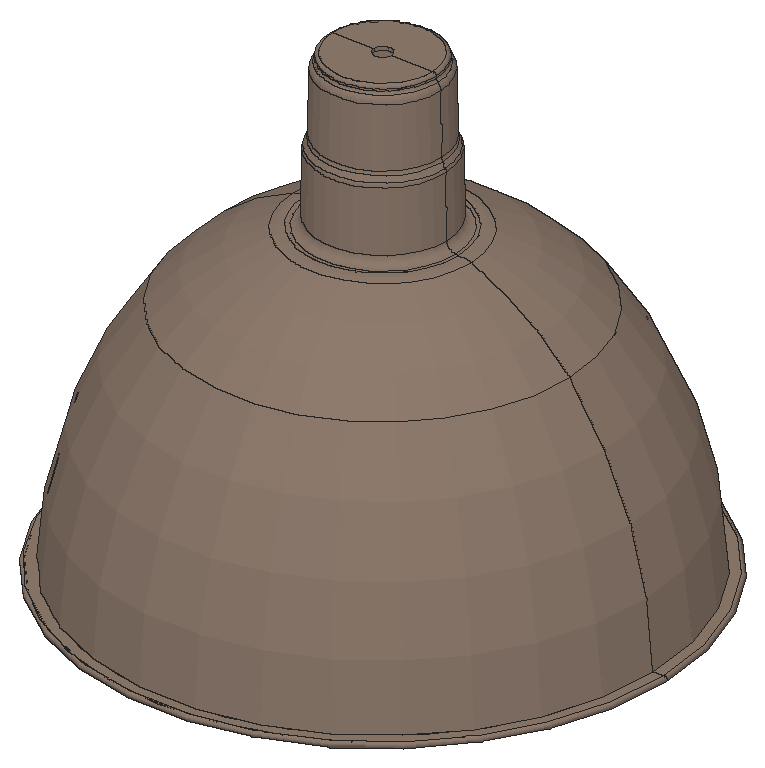
Revit family "D616", category Generic Models, Revit 2017
Family settings
  Can host rebar = No
  Round Connector Dimension = Use Diameter
  Part Type = Normal
  Work Plane-Based = No
  Always vertical = Yes
  Cut with Voids When Loaded = No
  Shared = No
  Room Calculation Point = No
Parameters
  D616 = Default
Reference planes (in)
  plane 1 "Center (Front/Back)": y = 0
  plane 2: z = 0
  plane 3 "Center (Left/Right)": x = 0
Forms (in)
  Revolve 1, solid, material "Default" <- "D616"
    sketch origin (0, 0, 0) x (1, 0, 0) y (0, 0, 1)
      loop
        arc (-1.65611, 15.40001) -> (-1.66309, 15.34616) -> (-1.68153, 15.29509) r 0.25
        line (-1.68153, 15.29509) -> (-1.75502, 15.14501)
        arc (-1.75502, 15.14501) -> (-1.77354, 15.09361) -> (-1.78046, 15.03943) r 0.25
        line (-1.78046, 15.03943) -> (-1.79782, 13.34249)
        arc (-1.79782, 13.34249) -> (-1.87193, 13.16737) -> (-2.0478, 13.09505) r 0.25
        line (-2.0478, 13.09505) -> (-2.15523, 13.09505)
        arc (-2.15523, 13.09505) -> (-2.33502, 13.07875) -> (-2.50894, 13.0304) r 1
        arc (-2.50894, 13.0304) -> (-4.0134, 12.2352) -> (-5.27504, 11.09327) r 6.84088
        arc (-5.27504, 11.09327) -> (-6.98641, 7.9885) -> (-7.625, 4.5013) r 11.03549
        line (-7.625, 4.5013) -> (-7.92187, 4.5013)
        arc (-7.92187, 4.5013) -> (-8, 4.42317) -> (-7.92187, 4.34505) r 0.07812
        line (-7.92187, 4.34505) -> (-7.54698, 4.34505)
        arc (-7.54698, 4.34505) -> (-6.93707, 7.88784) -> (-5.21322, 11.04247) r 10.95549
        arc (-5.21322, 11.04247) -> (-3.96677, 12.17019) -> (-2.48064, 12.95557) r 6.76088
        arc (-2.48064, 12.95557) -> (-2.32063, 13.00006) -> (-2.15523, 13.01505) r 0.92
        line (-2.15523, 13.01505) -> (-2.0478, 13.01505)
        arc (-2.0478, 13.01505) -> (-1.81566, 13.11051) -> (-1.71782, 13.34167) r 0.33
        line (-1.71782, 13.34167) -> (-1.70046, 15.03829)
        arc (-1.70046, 15.03829) -> (-1.69574, 15.075) -> (-1.68317, 15.10983) r 0.17
        line (-1.68317, 15.10983) -> (-1.60968, 15.2599)
        arc (-1.60968, 15.2599) -> (-1.58533, 15.32735) -> (-1.57612, 15.39846) r 0.33
        line (-1.57612, 15.39846) -> (-1.545, 17.05566)
        arc (-1.545, 17.05566) -> (-1.52922, 17.12381) -> (-1.48733, 17.17983) r 0.17
        arc (-1.48733, 17.17983) -> (-1.43609, 17.24962) -> (-1.41824, 17.33432) r 0.205
        line (-1.41824, 17.33432) -> (-1.41824, 17.39005) -> (-0.25, 17.39005) -> (-0.25, 17.47005) -> (-1.40824, 17.47005)
        arc (-1.40824, 17.47005) -> (-1.47188, 17.44369) -> (-1.49824, 17.38005) r 0.09
        line (-1.49824, 17.38005) -> (-1.49824, 17.33432)
        arc (-1.49824, 17.33432) -> (-1.50934, 17.28282) -> (-1.54067, 17.24047) r 0.125
        arc (-1.54067, 17.24047) -> (-1.60213, 17.15773) -> (-1.62499, 17.05722) r 0.25
        line (-1.62499, 17.05722) -> (-1.65611, 15.40001)
      axis (0, 17.47005) -> (0, 4.34505)
    angle from 0 to 360
Dimensions and locks (in)
  aligned and locked: plane 2 to level
